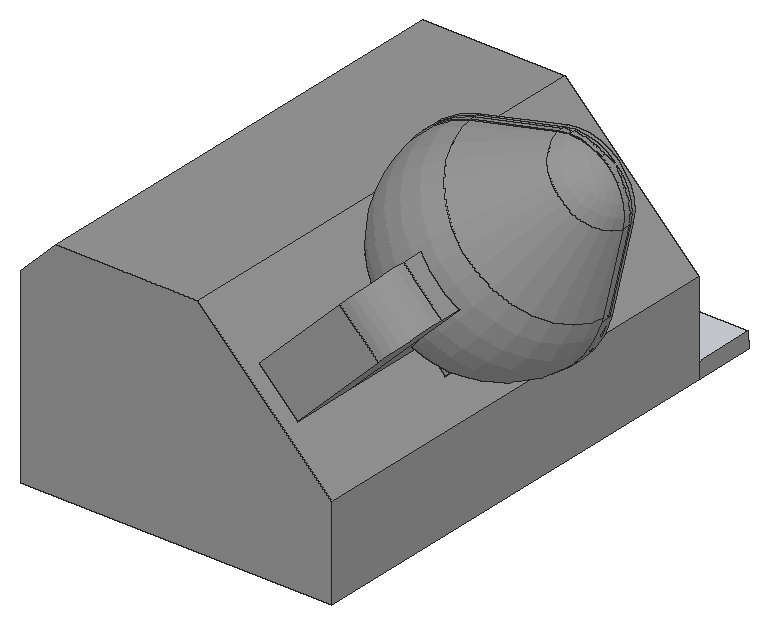
Revit family "Combination-Willoughby-ECW-2046-R-OF", category Plumbing Fixtures, Revit 2015
Parameters (values of type "Standard")
  Waste DIA = 2 3/8"
  Waste Connection = yes
  Vent Connection = no
  URL = "https://www.willoughby-ind.com/wp-content/uploads/2017/12/2046.pdf"
  Type Comments = ""
  Revision = "A"
  Lav Waste DIA = 1 1/2"
  Lav Waste Connection = yes
  HW Connection = no
  Flush Inlet DIA = 1 1/2"
  Flush Inlet Connection = yes
  Fixture Body = Stainless Steel AISI 304-Willoughby
  Model = "ECW-2046-R-OF"
  Manufacturer = "Willoughby Industries"
  Description = "2046 Combination Unit, Wall toilet waste outlet, Right hand toilet, Mounted off the floor"
  Default Elevation = 0' - 0"
  Contact = "(800) 428-4065"
  CW Connection = no
Reference planes (in)
  plane 1 "Floor Level/Base": y = 0
  plane 2: z = 0
  plane 3 "Center (Left/Right)": x = 0
  plane 4: x = 10
  plane 5: x = -10
  plane 6: x = 7.75
  plane 7: x = -1.4375
  plane 8: z = 5.9375
  plane 9: z = 14.5
  plane 10: z = 12.25
  plane 11: y = 32.5
  plane 12: y = 36.5
  plane 13 "Waste HGT": y = 11.5
  plane 14 "Flush Inlet HGT": y = 20.5
  plane 15 "Flush Inlet": x = -6.25
  plane 16 "LAV Waste HGT": y = 24.25
  plane 17 "LAV Waste": x = 2.25
  plane 18: y = 15
  plane 19: x = 6.25
  plane 20 "Lav Waste": x = -2.25
  plane 21: y = 3
  plane 22: x = -0.25
  plane 23: through (25.12762, 15.25, 7.86045) normal (0.7071, 0, 0.7071)
  plane 24: through (23.69248, 15.25, 16.18988) normal (0.7071, 0, 0.7071)
  plane 25: through (17.49116, 15.25, 17.77703) normal (0.7071, 0, -0.7071)
  plane 26: through (13.24852, 15.25, 22.01967) normal (0.7071, 0, -0.7071)
  plane 27: through (5.70707, 0, 10.20707) normal (0.7071, 0, -0.7071)
  plane 28: z = -3
Forms (in)
  Extrusion 1, solid
    sketch origin (0, 0, 0) x (1, 0, 0) y (0, 0, 1)
      loop
        line (10, 0) -> (10, 1.0625) -> (-10, 1.0625) -> (-10, 0) -> (10, 0)
    from -36.5 to -32.5
  Extrusion 2, solid, material "Stainless Steel AISI 304-Willoughby" <- "Fixture Body"
    sketch origin (0, 0, 0) x (-1, 0, 0) y (0, 0, -1)
      loop
        line (10, 0) -> (-10, 0) -> (-10, -5.91414) -> (-1.41414, -14.5) -> (7.71229, -14.5) -> (10, -12.21229) -> (10, 0)
    from -3 to -32.5
  Extrusion 3, solid, material "Stainless Steel AISI 304-Willoughby" <- "Fixture Body"
    sketch origin (0, 0, 0) x (-1, 0, 0) y (0, 0, -1)
      loop
        line (10, 0) -> (-10, 0) -> (-10, -1.0625) -> (10, -1.0625) -> (10, 0)
    from -36.5 to -32.5
  Revolve 4, void
    sketch origin (0, 32.5, -23.44915) x (0, 0, -1) y (-1, 0, 0)
      loop
        spline (-35.4804, 2.39908) -> (-35.33558, 0.71675) -> (-34.91101, -0.85092) -> (-34.2356, -2.19712) -> (-33.3554, -3.23009) -> (-32.33038, -3.87944) -> (-31.2304, -4.10092) -> (-30.13042, -3.87944) -> (-29.1054, -3.23009) -> (-28.22519, -2.19712) -> (-27.54979, -0.85092) -> (-27.12521, 0.71675) -> (-26.9804, 2.39908)
        line (-26.9804, 2.39908) -> (-35.4804, 2.39908)
      axis (-35.4804, 2.39908) -> (-26.9804, 2.39908)
    angle from 0 to 180
  Revolve 5, solid, material "Stainless Steel AISI 304-Willoughby" <- "Fixture Body"
    sketch origin (-0.25, 11.5, -24) x (0, 0, -1) y (-1, 0, 0)
      loop
        line (-20.99503, 0) -> (-20.99503, 1.1875) -> (-25.25, 1.1875) -> (-25.25, 0) -> (-20.99503, 0)
      axis (-25.25, 0) -> (-20.99503, 0)
    angle from 0 to 360
  Revolve 6, solid, material "Stainless Steel AISI 304-Willoughby" <- "Fixture Body"
    sketch origin (0, 20.5, -24) x (0, 0, -1) y (-1, 0, 0)
      loop
        line (-23.98848, -6.25) -> (-23.98848, -5.5) -> (-25.25, -5.5) -> (-25.25, -6.25) -> (-23.98848, -6.25)
      axis (-25.25, -6.25) -> (-23.98848, -6.25)
    angle from 0 to 360
  Revolve 7, solid, material "Stainless Steel AISI 304-Willoughby" <- "Fixture Body"
    sketch origin (0, 24.25, -24) x (0, 0, -1) y (-1, 0, 0)
      loop
        line (-21, 2.25) -> (-21, 3) -> (-25.25, 3) -> (-25.25, 2.25) -> (-21, 2.25)
      axis (-21, 2.25) -> (-25.25, 2.25)
    angle from 0 to 360
  Revolve 8, solid, material "Stainless Steel AISI 304-Willoughby" <- "Fixture Body"
    sketch origin (2.73311, 14.75, 7.26162) x (-0.707107, 0, -0.707107) y (-0.707107, 0, 0.707107)
      loop
        arc (-16.25875, -6.02566) -> (-9.22764, -6.08019) -> (-5.69625, 0) r 7
        line (-5.69625, 0) -> (-6.19625, 0)
        arc (-6.19625, 0) -> (-9.4731, -5.64458) -> (-15.99973, -5.59794) r 6.5
        line (-15.99973, -5.59794) -> (-20.8721, -2.57392)
        arc (-20.8721, -2.57392) -> (-21.91777, -1.47245) -> (-22.28998, 0) r 3
        line (-22.28998, 0) -> (-22.79, 0)
        arc (-22.79, 0) -> (-22.35472, -1.71553) -> (-21.13577, -2.99875) r 3.5
        line (-21.13577, -2.99875) -> (-16.25875, -6.02566)
      axis (-22.79, 0) -> (-5.69625, 0)
    angle from 0 to 180
  Extrusion 9, solid, material "Stainless Steel AISI 304-Willoughby" <- "Fixture Body"
    sketch origin (2.58102, 14.75, 7.10953) x (-0.707107, 0, -0.707107) y (-0.707107, 0, 0.707107)
      loop
        arc (-16.31246, -6.11221) -> (-11.15584, -6.77641) -> (-6.96698, -3.69657) r 6.99024
        line (-6.96698, -3.69657) -> (-4.40074, -3.69657) -> (-4.40074, 3.65625) -> (-6.9421, 3.65625)
        arc (-6.9421, 3.65625) -> (-11.2049, 6.78845) -> (-16.44046, 6.03277) r 6.98205
        line (-16.44046, 6.03277) -> (-21.4104, 2.94819)
        arc (-21.4104, 2.94819) -> (-23.00527, 0) -> (-21.4104, -2.94819) r 3.52237
        line (-21.4104, -2.94819) -> (-16.31246, -6.11221)
      loop
        line (-20.34476, -1.63051) -> (-15.05004, -3.88749)
        arc (-15.05004, -3.88749) -> (-8.1517, 0) -> (-15.05004, 3.88749) r 4.54455
        line (-15.05004, 3.88749) -> (-20.34476, 1.63051)
        arc (-20.34476, 1.63051) -> (-21.22494, 0) -> (-20.34476, -1.63051) r 1.95034
    from 0.25 to -0.5
  Extrusion 10, solid, material "Stainless Steel AISI 304-Willoughby" <- "Fixture Body"
    sketch origin (6.40741, 15, 10.93592) x (0, 1, 0) y (0.707107, 0, 0.707107)
      loop
        line (-6.77192, 9.05193) -> (-8.17415, 9.05193)
        arc (-8.17415, 9.05193) -> (-10.09199, 8.25753) -> (-10.88639, 6.33969) r 2.71224
        line (-10.88639, 6.33969) -> (-10.88639, -1.0106) -> (-6.77192, -1.0106) -> (-6.77192, 9.05193)
    from 1.75 to -1.75
  Extrusion 11, solid, material "Stainless Steel AISI 304-Willoughby" <- "Fixture Body"
    sketch origin (6.40741, 15, 10.93592) x (0, 1, 0) y (0.707107, 0, 0.707107)
      loop
        line (-6.77192, -1.0106) -> (-0.75, -1.0106) -> (-0.75, 0.82799)
        arc (-0.75, 0.82799) -> (-4.5139, 2.48885) -> (-6.77192, 5.92785) r 7.26374
        line (-6.77192, 5.92785) -> (-6.77192, -1.0106)
    from 1.75 to -1.75
Cuts and joins
  Revolve 4 cuts Extrusion 2
Lines and regions (in)
  symbolic lines
    curve 1: line (1.41414, 0, 14.5) -> (-7.71229, 0, 14.5)
    curve 2: line (-7.71229, 0, 14.5) -> (-10, 0, 12.21229)
    curve 3: line (-10, 0, 12.21229) -> (-10, 0, 0)
    curve 4: line (-10, 0, 0) -> (10, 0, 0)
    curve 5: line (10, 0, 0) -> (10, 0, 5.91414)
    curve 6: line (10, 0, 5.91414) -> (1.41414, 0, 14.5)
    curve 7: spline (4.10092, 0, 7.78125) -> (3.87944, 0, 8.88123) -> (3.23009, 0, 9.90625) -> (2.19712, 0, 10.78645) -> (0.85092, 0, 11.46186) -> (-0.71675, 0, 11.88643) -> (-2.39908, 0, 12.03125) -> (-4.0814, 0, 11.88643) -> (-5.64908, 0, 11.46186) -> (-6.99527, 0, 10.78645) -> (-8.02824, 0, 9.90625) -> (-8.6776, 0, 8.88123) -> (-8.89908, 0, 7.78125) -> (-8.6776, 0, 6.68127) -> (-8.02824, 0, 5.65625) -> (-6.99527, 0, 4.77605) -> (-5.64908, 0, 4.10064) -> (-4.0814, 0, 3.67607) -> (-2.39908, 0, 3.53125) -> (-0.71675, 0, 3.67607) -> (0.85092, 0, 4.10064) -> (2.19712, 0, 4.77605) -> (3.23009, 0, 5.65625) -> (3.87944, 0, 6.68127) -> (4.10092, 0, 7.78125)
    curve 8: line (8.30668, 0, 7.60745) -> (10.12129, 0, 9.42206)
    curve 9: arc (10.12129, 0, 9.42206) -> (15.33836, 0, 10.25732) -> (18.49057, 0, 14.49751) r 7.01025
    curve 10: line (18.49057, 0, 14.49751) -> (19.79879, 0, 20.08643)
    curve 11: arc (19.79879, 0, 20.08643) -> (19.75334, 0, 21.85573) -> (18.84807, 0, 23.37658) r 3.5
    curve 12: arc (18.84807, 0, 23.37658) -> (17.32361, 0, 24.26935) -> (15.55792, 0, 24.3273) r 3.59165
    curve 13: line (15.55792, 0, 24.3273) -> (10.08872, 0, 23.03722)
    curve 14: arc (10.08872, 0, 23.03722) -> (5.74358, 0, 19.89806) -> (4.90446, 0, 14.60369) r 6.98205
    curve 15: line (0, 32.5, 1.0625) -> (0, 36.5, 1.0625)
    curve 16: line (0, 36.5, 1.0625) -> (0, 36.5, 0)
    curve 17: line (0, 36.5, 0) -> (0, 3, 0)
    curve 18: line (0, 3, 0) -> (0, 3, 14.5)
    curve 19: line (0, 3, 14.5) -> (0, 4.11361, 14.5)
    curve 20: line (0, 4.11361, 14.5) -> (0, 4.11361, 8.98389)
    curve 21: line (0, 4.11361, 8.98389) -> (0, 14.25, 8.98389)
    curve 22: line (0, 14.25, 8.98389) -> (0, 14.25, 7.60745)
    curve 23: line (0, 14.25, 7.60745) -> (0, 15, 7.60745)
    curve 24: line (0, 15, 7.60745) -> (0, 15, 14.5)
    curve 25: line (0, 15, 14.5) -> (0, 32.5, 14.5)
    curve 26: line (0, 32.5, 14.5) -> (0, 32.5, 1.0625)
    curve 27: line (0, 15, 14.5) -> (0, 15, 24.40839)
    curve 28: line (0, 15, 24.40839) -> (0, 14.25, 24.40839)
    curve 29: arc (0, 14.25, 24.40839) -> (0, 13.34789, 24.13768) -> (0, 12.54309, 23.64842) r 3.70786
    curve 30: line (0, 12.54309, 23.64842) -> (0, 9.85687, 21.27339)
    curve 31: arc (0, 9.85687, 21.27339) -> (0, 9.30331, 20.69532) -> (0, 8.85296, 20.03367) r 4.82336
    curve 32: arc (0, 8.85296, 20.03367) -> (0, 8.43557, 19.33382) -> (0, 8.14105, 18.57404) r 4.85716
    curve 33: arc (0, 8.14105, 18.57404) -> (0, 7.92012, 17.3366) -> (0, 8.14105, 16.09917) r 3.57585
    curve 34: arc (0, 8.14105, 16.09917) -> (0, 8.00585, 14.89111) -> (0, 8.22808, 13.69599) r 4.13141
    curve 35: arc (0, 8.22808, 13.69599) -> (0, 10.62047, 10.63159) -> (0, 14.25, 9.23855) r 7.26841
    curve 36: line (0, 14.25, 9.23855) -> (0, 14.25, 8.98389)
    curve 37: line (0, 8.14105, 16.09917) -> (0, 6.78193, 16.09917)
    curve 38: arc (0, 6.78193, 16.09917) -> (0, 6.09205, 16.03274) -> (0, 5.42752, 15.83589) r 3.61558
    curve 39: arc (0, 5.42752, 15.83589) -> (0, 4.57242, 15.28469) -> (0, 4.11361, 14.37666) r 1.94091
    curve 40: line (0, 4.11361, 14.5) -> (0, 4.11361, 16.66682)
    curve 41: arc (0, 4.11361, 16.66682) -> (0, 4.2883, 17.36745) -> (0, 4.77146, 17.90405) r 1.49237
    curve 42: arc (0, 4.77146, 17.90405) -> (0, 5.6498, 18.41464) -> (0, 6.65084, 18.58809) r 2.87697
    curve 43: line (0, 6.65084, 18.58809) -> (0, 8.15084, 18.58809)
    curve 44: line (4.90446, 0, 14.60369) -> (3.10745, 0, 12.80668)
    curve 45: line (-10, 3, 0) -> (-10, 36.5, 0)
    curve 46: line (-10, 36.5, 0) -> (10, 36.5, 0)
    curve 47: line (10, 36.5, 0) -> (10, 3, 0)
    curve 48: line (10, 3, 0) -> (-10, 3, 0)
    curve 49: line (-10, 32.5, 0) -> (10, 32.5, 0)
    curve 50: line (9.65281, 4.11361, 0) -> (4.45538, 4.11361, 0)
    curve 51: line (4.45538, 4.11361, 0) -> (4.45538, 14.25, 0)
    curve 52: line (4.70961, 14.25, 0) -> (3.10745, 14.25, 0)
    curve 53: line (3.10745, 14.25, 0) -> (3.10745, 15, 0)
    curve 54: line (3.10745, 15, 0) -> (19.87987, 15, 0)
    curve 55: line (19.87987, 15, 0) -> (19.87987, 14.25, 0)
    curve 56: arc (19.87987, 14.25, 0) -> (19.61146, 13.4117, 0) -> (19.16809, 12.6513, 0) r 4.04544
    curve 57: line (19.16809, 12.6513, 0) -> (16.76486, 9.8867, 0)
    curve 58: arc (16.76486, 9.8867, 0) -> (15.48448, 8.88163, 0) -> (14.04553, 8.12074, 0) r 9.10042
    curve 59: arc (14.04553, 8.12074, 0) -> (11.6004, 7.75344, 0) -> (9.17383, 8.22808, 0) r 7.25941
    curve 60: arc (9.17383, 8.22808, 0) -> (6.06192, 10.58682, 0) -> (4.70961, 14.25, 0) r 6.96118
    curve 61: arc (14.04553, 6.82585, 0) -> (13.91317, 5.73501, 0) -> (13.37907, 4.7747, 0) r 2.8584
    curve 62: arc (13.37907, 4.7747, 0) -> (12.8176, 4.32259, 0) -> (12.12769, 4.11361, 0) r 1.88989
    curve 63: line (14.04553, 8.12074, 0) -> (14.04553, 6.82585, 0)
    curve 64: line (9.65281, 4.11361, 0) -> (12.12769, 4.11361, 0)
Dimensions and locks (in)
  equal spacing: plane 4, plane 3 "Center (Left/Right)", plane 5, locked at 10 each
  level to plane 9 = 1' - 2 1/2"
  level to plane 8 = 0' - 5 15/16"
  plane 10 to plane 9 = 0' - 2 1/4"
  plane 11 to plane 1 "Floor Level/Base" = 2' - 8 1/2"
  locked: plane 18 to plane 1 "Floor Level/Base" at 15
  locked: plane 13 "Waste HGT" to plane 1 "Floor Level/Base" at 11.5
  locked: plane 14 "Flush Inlet HGT" to plane 1 "Floor Level/Base" at 20.5
  locked: plane 16 "LAV Waste HGT" to plane 1 "Floor Level/Base" at 24.25
  locked: plane 1 "Floor Level/Base" to plane 13 "Waste HGT" at 11.5
  locked: plane 1 "Floor Level/Base" to plane 14 "Flush Inlet HGT" at 20.5
  locked: plane 1 "Floor Level/Base" to plane 16 "LAV Waste HGT" at 24.25
  locked: plane 5 to plane 15 "Flush Inlet" at 3.75
  locked: plane 17 "LAV Waste" to plane 4 at 7.75
  locked: plane 1 "Floor Level/Base" to plane 11 at 32.5
  locked: plane 1 "Floor Level/Base" to plane 12 at 36.5
  plane 5 to plane 4 = 1' - 8"
  plane 20 "Lav Waste" to plane 5 = 0' - 7 3/4"
  plane 1 "Floor Level/Base" to plane 21 = 0' - 3"
  plane 4 to plane 22 = 0' - 10 1/4"
  plane 22 to plane 4 = 0' - 10 1/4"
  locked: plane 1 "Floor Level/Base" to plane 18 at 15
  plane 25 to plane 26 = 0' - 6"
  aligned and locked: plane 12 to Extrusion 1
  aligned and locked: Extrusion 3 to Extrusion 2
  aligned and locked: Revolve 5 sketch curve to Revolve 5 sketch curve  (x2)
  aligned and locked: Revolve 6 sketch curve to Revolve 6 sketch curve  (x2)
  aligned and locked: Revolve 7 sketch curve to Revolve 7 sketch curve  (x2)
Automatic sketch dimensions
  Extrusion 1 sketch curve to level = 0' - 0"
  Extrusion 1 sketch curve to plane 5 = 0' - 0"
  Extrusion 1 sketch curve to plane 4 = 0' - 0"
  Extrusion 1 sketch curve to Extrusion 1 sketch curve = 0' - 1 1/16"
  Extrusion 2 sketch curve to level = 0' - 0"
  Extrusion 2 sketch curve to plane 4 = 0' - 0"
  Extrusion 2 sketch curve to plane 9 = 0' - 0"
  Extrusion 2 sketch curve to plane 5 = 0' - 0"
  plane 17 "LAV Waste" to Extrusion 2 sketch curve = 0' - 0.83586"
  plane 15 "Flush Inlet" to Extrusion 2 sketch curve = 0' - 1.46229"
  plane 8 to Extrusion 2 sketch curve = 0' - 0.02336"
  plane 10 to Extrusion 2 sketch curve = 0' - 0.03771"
  Extrusion 3 sketch curve to level = 0' - 0"
  Extrusion 3 sketch curve to plane 4 = 0' - 0"
  Extrusion 3 sketch curve to plane 5 = 0' - 0"
  Extrusion 3 sketch curve to level = 0' - 1 1/16"
  Revolve 4 sketch curve to plane 10 = 0' - 0 7/32"
  Revolve 4 sketch curve to plane 7 = 0' - 0.96158"
  Revolve 4 sketch curve to plane 8 = 0' - 2 13/32"
  Revolve 4 sketch curve to Revolve 4 sketch curve = 0' - 0"  (x3)
  plane 5 to Revolve 4 sketch curve = 0' - 1.10092"
  Revolve 5 sketch curve to plane 3 "Center (Left/Right)" = 0' - 0 1/4"  (x2)
  Revolve 5 sketch curve to plane 7 = 0' - 0"
  level to Revolve 5 sketch curve = 0' - 1 1/4"
  Revolve 5 sketch curve to level = 0' - 3.00497"
  Revolve 5 sketch curve to Revolve 5 sketch curve = 0' - 0.25497"
  level to Revolve 6 sketch curve = 0' - 1 1/4"
  Revolve 6 sketch curve to level = 0' - 0.01152"
  Revolve 6 sketch curve to plane 6 = 0' - 1 1/2"
  Revolve 6 sketch curve to Revolve 6 sketch curve = 0' - 0 3/4"
  Revolve 6 sketch curve to Revolve 6 sketch curve = 0' - 2.73848"
  Revolve 8 sketch curve to Revolve 8 sketch curve = 0' - 0"  (x7)
  Revolve 8 sketch curve to plane 23 = 0' - 0"
  Revolve 8 sketch curve to plane 24 = 0' - 1.84366"
  Revolve 8 sketch curve to plane 24 = 0' - 0.26165"
  Revolve 8 sketch curve to plane 25 = 0' - 0.00125"
  plane 24 to Revolve 8 sketch curve = 0' - 0.00202"
  plane 24 to Revolve 8 sketch curve = 0' - 1 5/32"
  Revolve 8 sketch curve to Revolve 8 sketch curve = 0' - 0 1/2"  (x2)
  Revolve 8 sketch curve to plane 23 = 0' - 0.25901"
  Revolve 8 sketch curve to plane 23 = 0' - 3 9/16"
  Revolve 8 sketch curve to plane 25 = 0' - 3"
  Revolve 8 sketch curve to Revolve 8 sketch curve = 0' - 6 1/2"
  Revolve 8 sketch curve to plane 25 = 0' - 0.42608"
  plane 27 to Extrusion 9 sketch curve = 0' - 2.92803"
  plane 6 to Extrusion 9 sketch curve = 1' - 0.05514"
  Extrusion 9 sketch curve to plane 27 = 0' - 2.96835"
  Extrusion 9 sketch curve to Extrusion 9 sketch curve = 0' - 0"
  plane 27 to Extrusion 9 sketch curve = 0' - 1.61035"
  Extrusion 9 sketch curve to Extrusion 9 sketch curve = 0' - 1.06564"  (x2)
  Extrusion 9 sketch curve to plane 27 = 0' - 1.65067"
  Extrusion 9 sketch curve to Extrusion 9 sketch curve = 0' - 0.86186"
  Extrusion 9 sketch curve to Extrusion 9 sketch curve = 0' - 0.2083"
  Extrusion 9 sketch curve to plane 27 = 0' - 6.05293"
  Extrusion 9 sketch curve to Extrusion 9 sketch curve = 0' - 4.96994"
  plane 27 to Extrusion 9 sketch curve = 0' - 6.09205"
  Extrusion 9 sketch curve to Extrusion 9 sketch curve = 0' - 5.09794"
  Extrusion 9 sketch curve to plane 27 = 0' - 3.90765"
  Extrusion 9 sketch curve to Extrusion 9 sketch curve = 0' - 1.39042"
  plane 27 to Extrusion 9 sketch curve = 0' - 3.86733"
  Extrusion 9 sketch curve to Extrusion 9 sketch curve = 0' - 1.26242"
  Extrusion 9 sketch curve to Extrusion 9 sketch curve = 0' - 2.14484"
  Extrusion 9 sketch curve to Extrusion 9 sketch curve = 0' - 0.00561"
  Extrusion 9 sketch curve to Extrusion 9 sketch curve = 0' - 0.20334"
  Extrusion 9 sketch curve to Extrusion 9 sketch curve = 0' - 5.72926"
  Extrusion 9 sketch curve to Extrusion 9 sketch curve = 0' - 5.75415"
  Extrusion 9 sketch curve to Extrusion 9 sketch curve = 0' - 2.54136"
  Extrusion 9 sketch curve to Extrusion 9 sketch curve = 0' - 3.69657"
  Extrusion 9 sketch curve to Extrusion 9 sketch curve = 0' - 0.0238"
  plane 21 to Extrusion 10 sketch curve = 0' - 1.11361"
  Extrusion 10 sketch curve to Extrusion 10 sketch curve = 0' - 2.71224"
  Extrusion 10 sketch curve to plane 13 "Waste HGT" = 0' - 3.27192"
  Extrusion 10 sketch curve to Extrusion 10 sketch curve = 0' - 7.35029"
  Extrusion 11 sketch curve to plane 13 "Waste HGT" = 0' - 3.27192"
  Extrusion 11 sketch curve to plane 18 = 0' - 0 3/4"
  plane 18 to Extrusion 11 sketch curve = 0' - 0.18041"
  Extrusion 11 sketch curve to Extrusion 11 sketch curve = 0' - 1.83859"
  Extrusion 11 sketch curve to Extrusion 11 sketch curve = 0' - 6.93845"
  curve 18 to plane 9 = 0' - 0"
  curve 18 to plane 21 = 0' - 0"
  curve 27 to plane 9 = 0' - 0"
  curve 27 to plane 18 = 0' - 0"
  curve 26 to plane 11 = 0' - 0"
  curve 16 to plane 12 = 0' - 0"
  curve 17 to level = 0' - 0"
  curve 18 to curve 40 = 0' - 1.11361"
  curve 41 to curve 41 = 0' - 1.49237"
  curve 39 to plane 9 = 0' - 0.51403"
  curve 39 to curve 39 = 0' - 1.90118"
  curve 41 to curve 42 = 0' - 1.0278"
  curve 42 to curve 37 = 0' - 0.14816"
  curve 38 to curve 37 = 0' - 1.35912"
  curve 30 to plane 13 "Waste HGT" = 0' - 1.64313"
  curve 33 to plane 13 "Waste HGT" = 0' - 0.00403"
  plane 13 "Waste HGT" to curve 34 = 0' - 0.63455"
  plane 13 "Waste HGT" to curve 30 = 0' - 1.04309"
  plane 13 "Waste HGT" to curve 32 = 0' - 1.30116"
  curve 32 to curve 31 = 0' - 0.2506"
  curve 22 to plane 18 = 0' - 0 3/4"
  curve 28 to plane 18 = 0' - 0 3/4"
  curve 29 to plane 18 = 0' - 0.14399"
  curve 35 to plane 18 = 0' - 0.05521"
  curve 16 to curve 16 = 0' - 1 1/16"
  plane 8 to curve 24 = 0' - 1.66995"
  curve 22 to curve 21 = 0' - 1.37643"
  curve 21 to curve 36 = 0' - 0.25467"
  plane 10 to curve 38 = 0' - 0.23359"
  plane 9 to curve 34 = 0' - 0.54062"
  plane 9 to curve 42 = 0' - 1.21118"
  curve 42 to curve 37 = 0' - 0.38799"
  curve 24 to curve 35 = 0' - 1.97368"
  curve 19 to curve 40 = 0' - 2.16682"
  curve 34 to curve 32 = 0' - 2.16396"
  curve 32 to curve 33 = 0' - 0.13202"
  curve 32 to curve 31 = 0' - 0.45531"
  curve 31 to curve 29 = 0' - 3.0905"
  curve 33 to curve 30 = 0' - 3.93679"
  curve 30 to curve 30 = 0' - 2.37503"
  curve 40 to curve 41 = 0' - 0.65785"
  curve 38 to curve 41 = 0' - 0.17847"
  curve 41 to curve 42 = 0' - 1.87939"
  curve 42 to curve 32 = 0' - 1.49021"
  curve 33 to curve 43 = 0' - 0.00979"
  curve 4 to level = 0' - 0"
  curve 4 to plane 5 = 0' - 0"
  curve 2 to plane 9 = 0' - 0"
  curve 6 to plane 4 = 0' - 0"
  curve 2 to plane 15 "Flush Inlet" = 0' - 1.46229"
  curve 1 to plane 17 "LAV Waste" = 0' - 0.83586"
  plane 4 to curve 13 = 0' - 0.08872"
  plane 4 to curve 8 = 0' - 0.12129"
  plane 4 to curve 14 = 0' - 1.69166"
  curve 14 to curve 9 = 0' - 0.01162"
  plane 4 to curve 13 = 0' - 5.55792"
  curve 13 to curve 12 = 0' - 0.76864"
  curve 12 to curve 11 = 0' - 0.06434"
  curve 10 to plane 9 = 0' - 0.00249"
  curve 12 to curve 10 = 0' - 2.164"
  curve 11 to curve 10 = 0' - 3.40788"
  curve 5 to plane 8 = 0' - 0.02336"
  plane 8 to curve 8 = 0' - 3.48456"
  curve 2 to plane 10 = 0' - 0.03771"
  curve 14 to curve 9 = 0' - 0.00981"
  curve 10 to curve 12 = 0' - 0.73243"
  curve 12 to curve 11 = 0' - 0.06527"
  curve 12 to curve 13 = 0' - 2.21835"
  curve 11 to curve 13 = 0' - 0.95072"
  plane 20 "Lav Waste" to curve 7 = 0' - 0.14908"
  plane 17 "LAV Waste" to curve 7 = 0' - 1.85092"
  plane 9 to curve 44 = 0' - 0.10369"
  plane 8 to curve 7 = 0' - 1 27/32"
  plane 10 to curve 44 = 0' - 0.55668"
  curve 45 to plane 5 = 0' - 0"
  curve 54 to plane 18 = 0' - 0"
  curve 49 to plane 4 = 0' - 0"
  curve 48 to plane 21 = 0' - 0"
  curve 49 to plane 11 = 0' - 0"
  curve 47 to plane 12 = 0' - 0"
  plane 17 "LAV Waste" to curve 52 = 0' - 0.85745"
  plane 19 to curve 51 = 0' - 1.79462"
  curve 51 to curve 52 = 0' - 0.25424"
  plane 4 to curve 58 = 0' - 0.52803"
  plane 4 to curve 61 = 0' - 1.19468"
  curve 60 to plane 18 = 0' - 0.26758"
  plane 4 to curve 60 = 0' - 1.65405"
  plane 18 to curve 59 = 0' - 0.01109"
  curve 60 to curve 59 = 0' - 0.10626"
  curve 61 to curve 62 = 0' - 0.74014"
  plane 18 to curve 56 = 0' - 0.05713"
  curve 59 to curve 56 = 0' - 4.15546"
  curve 57 to plane 13 "Waste HGT" = 0' - 1.6133"
  curve 59 to curve 57 = 0' - 2.71933"
  plane 13 "Waste HGT" to curve 57 = 0' - 1.1513"
  curve 57 to curve 57 = 0' - 2.40323"
  curve 56 to curve 55 = 0' - 0.71179"
  plane 21 to curve 51 = 0' - 1.11361"
  curve 50 to curve 62 = 0' - 1.88002"
  curve 62 to curve 61 = 0' - 0.62467"
  curve 62 to curve 63 = 0' - 0.83222"
  curve 63 to curve 63 = 0' - 1.29489"
  curve 53 to curve 53 = 0' - 0 3/4"
  curve 64 to plane 4 = 0' - 0.34719"
  curve 62 to curve 61 = 0' - 1.25138"
  curve 62 to curve 61 = 0' - 0"
  plane 20 "Lav Waste" to Revolve 7 sketch curve = 0' - 0"
  Revolve 7 sketch curve to plane 28 = 0' - 0"
  level to Revolve 7 sketch curve = 0' - 1 1/4"
  Revolve 7 sketch curve to Revolve 7 sketch curve = 0' - 0 3/4"
  Revolve 7 sketch curve to Revolve 7 sketch curve = 0' - 0"
Connectors (in)
  piping at (-0.25, 11.5, -3.00497), diameter 2.375, driven by "Waste Connection", driven by "Waste DIA"
    settings: on Revolve 5, index 4, connector inside diameter 24", connector length 0' - 0", flow factor 0, pipe flow 0 GPM, pressure drop 0.00 psi, fitting loss kfactor 0, connector angle 0.00°, fixture units 0, engagement length 0' - 0", angle of deflection 0.00°, flow configuration 0, flow direction 2, fitting loss method 0, system type 16, joint type 0, gender type 0, connector reference index -1, connector utility 1, adjustable connector no, is connector primary yes, connector description "Toilet Waste"
  piping at (6.25, 20.5, -0.01152), diameter 1.5, driven by "Flush Inlet DIA", driven by "Flush Inlet Connection"
    settings: on Revolve 6, index 5, connector inside diameter 24", connector length 0' - 0", flow factor 0, pipe flow 0 GPM, pressure drop 0.00 psi, fitting loss kfactor 0, connector angle 0.00°, fixture units 0, engagement length 0' - 0", angle of deflection 0.00°, flow configuration 0, flow direction 2, fitting loss method 0, system type 16, joint type 0, gender type 0, connector reference index -1, connector utility 1, adjustable connector no, is connector primary no, connector description "Flush Inlet"
  piping at (-2.25, 24.25, -3), diameter 1.5, driven by "Lav Waste DIA", driven by "Lav Waste Connection"
    settings: on Revolve 7, index 6, connector inside diameter 24", connector length 0' - 0", flow factor 0, pipe flow 0 GPM, pressure drop 0.00 psi, fitting loss kfactor 0, connector angle 0.00°, fixture units 0, engagement length 0' - 0", angle of deflection 0.00°, flow configuration 0, flow direction 2, fitting loss method 0, system type 16, joint type 0, gender type 0, connector reference index -1, connector utility 1, adjustable connector no, is connector primary no, connector description "Sink Waste"
